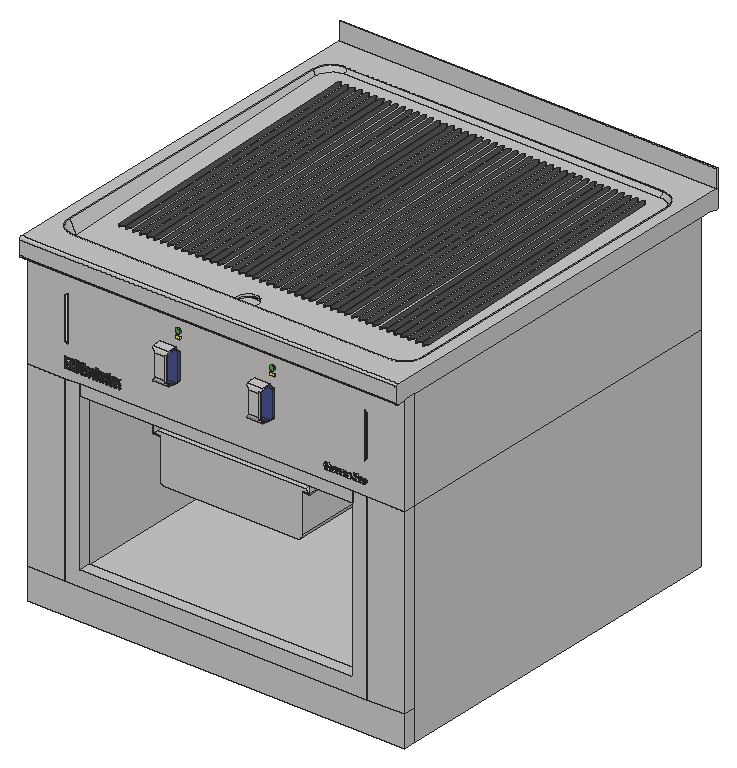
Revit family "QF_ELECTROLUXPROFESSIONAL_588670_MBHDGBHDAO", category Attrezzature speciali, Revit 2020
Family settings
  Quota connettore circolare = Usa diametro
  Tipo di parte = Normale
  Basato su piano di lavoro = No
  Sempre verticale = Sì
  Taglio con vuoti quando caricato = No
  Condiviso = No
  Punto di calcolo locali = No
Parameters (values of type "Standard")
  Weight = 145.00 kg
  Watts = 15300 W
  Volts = 400 V
  URL Manufacturer = "https://www.electroluxprofessional.com/"
  URL = "https://www.electroluxprofessional.com/"
  Steam Supply Size = 0"
  Steam Supply Minimum Pressure = 0.00 psi
  Steam Supply Maximum Pressure = 0.00 psi
  Steam Consumption per Hour = 0
  Refrigeration Suction Line Size = 0 mm
  Refrigeration Liquid Line Size = 0 mm
  Refrigerant Compressor Remote = yes
  Prospetto di default = 0 mm
  Phase = 3
  Modello = "MBHDGBHDAO"
  Produttore = "Electrolux Professional"
  Length Actual = 800 mm  # constant formula
  Item Number = "588670"
  Hot Water Size = 0"
  Height Actual = 700 mm  # constant formula
  HP = "20.5 HP"
  Gas Size = 0"
  Gas KW = 0
  Gas Input Pressure = 0.0 Btu/h
  Direct Waste Size = 0"
  Descrizione = "EL.FRYTOP,RIBBED PL,1S,BSPL,800X850X700H"
  Depth Actual = 850 mm  # constant formula
  Cycle = 50 Hz
  Condensate Return Size = 0"
  Compressed Air Volume = 0 GPM
  Compressed Air Size = 0"
  Compressed Air Pressure = 0.00 psi
  Cold Water Size = 0"
  Accessory = yes
Reference planes
  plane 1 "BACK": y = 0
  plane 2: z = 0
  plane 3 "LEFT": x = 0
  plane 4 "RIGHT": x = 800
  plane 5 "FRONT": y = -850
  plane 6 "TOP": z = 900
  plane 7 "Center (Left/Right)": x = 400
  plane 8 "Center (Front/Back)": y = -425
  plane 9: y = -150
  plane 10: y = -65
  plane 11: y = -790
  plane 12 "EIY": y = -635
  plane 13: z = 938
  plane 14 "BaseTop": z = 650
  plane 15: y = -805
  plane 16 "Camino": y = -50
  plane 17 "EIx": x = 755
  plane 18: z = 1131
  plane 19 "PlaneRibbed": through (-6096, -65, 890) normal (0, -0.0251, 0.9997)
  plane 20 "Base": z = 200
Forms (mm)
  Extrusion 1, solid, material "QF_Finishes_Stainless Steel"
    sketch origin (-178.969, -4572, 100) x (-1, 0, 0) y (0, -1, 0)
      loop
        line (-178.969, -4527) -> (-178.969, -3767) -> (-978.969, -3767) -> (-978.969, -4527) -> (-178.969, -4527)
    from 550 to 762.969
  Extrusion 2, solid, material "QF_Finishes_Stainless Steel"
    sketch origin (400, 296.4, 1219.2) x (0, 1, 0) y (0, 0, 1)
      loop
        line (-296.4, -319.2) -> (-1141.4, -319.2)
        arc (-1141.4, -319.2) -> (-1144.935, -320.664) -> (-1146.4, -324.2) r 5
        line (-1146.4, -324.2) -> (-1146.4, -355.2)
        arc (-1146.4, -355.2) -> (-1144.971, -358.264) -> (-1141.705, -359.139) r 4
        line (-1141.705, -359.139) -> (-1126.4, -356.231) -> (-316.4, -356.231) -> (-301.094, -359.139)
        arc (-301.094, -359.139) -> (-297.829, -358.264) -> (-296.4, -355.2) r 4
        line (-296.4, -355.2) -> (-296.4, -319.2)
    from -400 to 400
  Extrusion 3, void
    sketch origin (0, 0, 900) x (-1, 0, 0) y (0, -1, 0)
      loop
        arc (-65, 65) -> (-36.716, 76.716) -> (-25, 105) r 40
        line (-25, 105) -> (-25, 750)
        arc (-25, 750) -> (-36.716, 778.284) -> (-65, 790) r 40
        line (-65, 790) -> (-735, 790)
        arc (-735, 790) -> (-763.284, 778.284) -> (-775, 750) r 40
        line (-775, 750) -> (-775, 105)
        arc (-775, 105) -> (-763.284, 76.716) -> (-735, 65) r 40
        line (-735, 65) -> (-65, 65)
    from 0 to -30
  Extrusion 4, solid, material "QF_Finishes_Stainless Steel"
    sketch origin (400, 296.4, 1219.2) x (0, 1, 0) y (0, 0, 1)
      loop
        line (-296.4, -319.2) -> (-296.4, -281.2) -> (-298.4, -281.2) -> (-298.4, -319.2) -> (-296.4, -319.2)
    from 400 to -400
  Extrusion 5, solid, material "QF_Finishes_Stainless Steel"
    sketch origin (0, 0, 200) x (-1, 0, 0) y (0, -1, 0)
      loop
        circle (-755, 635) r 10.1
    from 0 to -10
  Sweep 6, solid, material "QF_Finishes_Stainless Steel"
    path origin (0, 0, 900) x (-1, 0, 0) y (0, -1, 0)
      loop
        line (-25, 105) -> (-25, 750)
        arc (-25, 750) -> (-36.716, 778.284) -> (-65, 790) r 40
        line (-65, 790) -> (-735, 790)
        arc (-735, 790) -> (-763.284, 778.284) -> (-775, 750) r 40
        line (-775, 750) -> (-775, 105)
        arc (-775, 105) -> (-763.284, 76.716) -> (-735, 65) r 40
        line (-735, 65) -> (-65, 65)
        arc (-65, 65) -> (-36.716, 76.716) -> (-25, 105) r 40
    profile origin (25, -427.5, 900) x (1, 0, 0) y (0, 0, 1)
      loop
        line (0, 0) -> (0, -30) -> (15, -30) -> (0, 0)
  Extrusion 7, void
    sketch origin (305.009, 0, 900) x (-1, 0, 0) y (0, -1, 0)
      loop
        circle (-94.991, 746) r 22.248
    from -32.282 to 0
  Extrusion 8, solid, material "QF_Finishes_Stainless Steel"
    sketch origin (400, 296.4, 1219.2) x (0, 1, 0) y (0, 0, 1)
      loop
        line (-1086.4, -349.2) -> (-361.4, -349.2) -> (-361.4, -329.2) -> (-1086.4, -347.399) -> (-1086.4, -349.2)
    from -375 to 375
  Extrusion 9, void
    sketch origin (305.009, 0, 900) x (-1, 0, 0) y (0, -1, 0)
      loop
        circle (-94.991, 746) r 22.248
    from -32.282 to 0
  Extrusion 10, solid, material "QF_Finishes_Stainless Steel"
    sketch origin (0, -425, 0) x (-1, 0, 0) y (0, 0, 1)
      loop
        line (-264.372, 616.232) -> (-236.622, 616.232)
        arc (-236.622, 616.232) -> (-235.738, 615.866) -> (-235.372, 614.982) r 1.25
        line (-235.372, 614.982) -> (-235.372, 584.482)
        arc (-235.372, 584.482) -> (-235.738, 583.598) -> (-236.622, 583.232) r 1.25
        line (-236.622, 583.232) -> (-249.372, 583.232) -> (-249.372, 582.232) -> (-236.622, 582.232)
        arc (-236.622, 582.232) -> (-235.031, 582.891) -> (-234.372, 584.482) r 2.25
        line (-234.372, 584.482) -> (-234.372, 614.982)
        arc (-234.372, 614.982) -> (-235.031, 616.573) -> (-236.622, 617.232) r 2.25
        line (-236.622, 617.232) -> (-264.372, 617.232) -> (-264.372, 616.232)
      loop
        line (-537.372, 616.232) -> (-537.372, 617.232) -> (-565.122, 617.232)
        arc (-565.122, 617.232) -> (-566.713, 616.573) -> (-567.372, 614.982) r 2.25
        line (-567.372, 614.982) -> (-567.372, 584.482)
        arc (-567.372, 584.482) -> (-566.713, 582.891) -> (-565.122, 582.232) r 2.25
        line (-565.122, 582.232) -> (-552.372, 582.232) -> (-552.372, 583.232) -> (-565.122, 583.232)
        arc (-565.122, 583.232) -> (-566.006, 583.598) -> (-566.372, 584.482) r 1.25
        line (-566.372, 584.482) -> (-566.372, 614.982)
        arc (-566.372, 614.982) -> (-566.006, 615.866) -> (-565.122, 616.232) r 1.25
        line (-565.122, 616.232) -> (-537.372, 616.232)
    from -365 to 360
  Extrusion 11, solid, material "QF_Finishes_Stainless Steel"
    sketch origin (0, -425, 0) x (-1, 0, 0) y (0, 0, 1)
      loop
        line (-249.872, 583.232) -> (-238.372, 583.232) -> (-238.372, 584.232) -> (-244.372, 590.232) -> (-557.372, 590.232) -> (-563.372, 584.232) -> (-563.372, 583.232) -> (-551.872, 583.232) -> (-551.872, 501.232)
        arc (-551.872, 501.232) -> (-548.65, 493.454) -> (-540.872, 490.232) r 11
        line (-540.872, 490.232) -> (-260.872, 490.232)
        arc (-260.872, 490.232) -> (-253.094, 493.454) -> (-249.872, 501.232) r 11
        line (-249.872, 501.232) -> (-249.872, 583.232)
    from -365 to 360
  Extrusion 12, void
    sketch origin (0, -425, 0) x (-1, 0, 0) y (0, 0, 1)
      loop
        line (-254.872, 501.232) -> (-254.872, 590.232) -> (-546.872, 590.232) -> (-546.872, 506.232)
        arc (-546.872, 506.232) -> (-543.65, 498.454) -> (-535.872, 495.232) r 11
        line (-535.872, 495.232) -> (-260.872, 495.232)
        arc (-260.872, 495.232) -> (-256.629, 496.99) -> (-254.872, 501.232) r 6
    from -350 to 355
  Extrusion 13, solid, material "QF_Finishes_Stainless Steel"
    sketch origin (0, -425, 0) x (-1, 0, 0) y (0, 0, 1)
      loop
        line (-690, 617.232) -> (-110, 617.232) -> (-110, 627) -> (-690, 627) -> (-690, 617.232)
    from -365 to -351.075
Cuts and joins
  Extrusion 3, Extrusion 7, Extrusion 9 cuts Extrusion 2
  Extrusion 9 cuts Sweep 6
  Extrusion 9 cuts Extrusion 8
  joined: Sweep 6, Extrusion 8
  Extrusion 12 cuts Extrusion 11
Lines and regions (mm)
  symbolic lines
    curve 1: line (0, 0, 100) -> (800, 0, 100)
    curve 2: line (0, -850, 100) -> (0, 0, 100)
    curve 3: line (800, -850, 100) -> (0, -850, 100)
    curve 4: line (800, 0, 100) -> (800, -850, 100)
    curve 5: line (0, -2, 0) -> (800, -2, 0)
    curve 6: line (734.029, -65, 0) -> (65.29, -65, 0)
    curve 7: line (65.29, -790, 0) -> (734.029, -790, 0)
    curve 8: line (65, -80, 900) -> (735, -80, 900)
    curve 9: line (735, -775, 900) -> (65, -775, 900)
    curve 10: arc (760, -750, 900) -> (752.678, -767.678, 900) -> (735, -775, 900) r 25
    curve 11: line (760, -105, 900) -> (760, -750, 900)
    curve 12: arc (735, -80, 900) -> (752.678, -87.322, 900) -> (760, -105, 900) r 25
    curve 13: circle (400, -746, 900) r 22.248 normal (0, 0, 1)
    curve 14: arc (90.5, -85.483, 900) -> (62.314, -97.096, 900) -> (50.5, -125.198, 900) r 39.994
    curve 15: line (90.5, -85.482, 900) -> (710.5, -85.482, 900)
    curve 16: line (50.5, -662.082, 900) -> (50.5, -125.198, 900)
    curve 17: arc (50.5, -662.082, 900) -> (62.314, -690.184, 900) -> (90.5, -701.797, 900) r 39.994
    curve 18: line (710.5, -701.798, 900) -> (90.5, -701.798, 900)
    curve 19: line (40.29, -708.526, 900) -> (760, -708.526, 900)
    curve 20: line (40.29, -718.526, 900) -> (760, -718.526, 900)
    curve 21: arc (65, -65, 900) -> (36.716, -76.716, 900) -> (25, -105, 900) r 40
    curve 22: line (25, -105, 900) -> (25, -750, 900)
    curve 23: arc (25, -750, 900) -> (36.716, -778.284, 900) -> (65, -790, 900) r 40
    curve 24: arc (735, -790, 900) -> (763.284, -778.284, 900) -> (775, -750, 900) r 40
    curve 25: line (775, -750, 900) -> (775, -105, 900)
    curve 26: arc (775, -105, 900) -> (763.284, -76.716, 900) -> (735, -65, 900) r 40
    curve 27: arc (709.5, -85.483, 900) -> (737.686, -97.096, 900) -> (749.5, -125.198, 900) r 39.994
    curve 28: line (749.5, -662.082, 900) -> (749.5, -125.198, 900)
    curve 29: arc (749.5, -662.082, 900) -> (737.686, -690.184, 900) -> (709.5, -701.797, 900) r 39.994
    curve 30: arc (65, -775, 900) -> (47.322, -767.678, 900) -> (40, -750, 900) r 25
    curve 31: line (40, -750, 900) -> (40, -105, 900)
    curve 32: arc (40, -105, 900) -> (47.322, -87.322, 900) -> (65, -80, 900) r 25
Dimensions and locks
  plane 3 "LEFT" to plane 4 "RIGHT" = 800 mm
  locked: plane 5 "FRONT" to plane 1 "BACK" at 850
  plane 3 "LEFT" to plane 7 "Center (Left/Right)" to plane 4 "RIGHT" = 400 mm, 400 mm
  equal spacing: plane 5 "FRONT", plane 8 "Center (Front/Back)", plane 1 "BACK"
  plane 6 "TOP" to level = 900 mm  (x2)
  plane 1 "BACK" to plane 9 = 150 mm
  plane 12 "EIY" to plane 1 "BACK" = 635 mm
  plane 13 to plane 6 "TOP" = 38 mm
  plane 10 to plane 1 "BACK" = 65 mm
  plane 5 "FRONT" to plane 11 = 60 mm
  locked: plane 6 "TOP" to plane 14 "BaseTop" at 250
  locked: plane 15 to plane 5 "FRONT" at 45
  plane 16 "Camino" to plane 1 "BACK" = 50 mm
  plane 17 "EIx" to plane 4 "RIGHT" = 45 mm
  plane 18 to plane 6 "TOP" = 231 mm
  plane 20 "Base" to level = 200 mm
  aligned and locked: level to plane 2
  aligned and locked: cut or joined group of Extrusion 2, Extrusion 3, Extrusion 7, Extrusion 9 to plane 3 "LEFT"
  aligned and locked: cut or joined group of Extrusion 2, Extrusion 3, Extrusion 7, Extrusion 9 to plane 4 "RIGHT"
  aligned and locked: nested 1 to plane 15
  aligned and locked: Extrusion 1 to plane 15
  aligned and locked: Extrusion 4 to plane 3 "LEFT"
  aligned and locked: Extrusion 4 to plane 4 "RIGHT"
  aligned and locked: plane 3 "LEFT" to nested 1
  aligned and locked: Extrusion 1 to nested 24
Automatic sketch dimensions
  curve 5 to plane 3 "LEFT" = 0 mm
  plane 10 to curve 6 = 0 mm
  plane 11 to curve 7 = 0 mm
  curve 5 to plane 4 "RIGHT" = 0 mm
  plane 3 "LEFT" to curve 6 = 65.29 mm
  plane 3 "LEFT" to curve 7 = 65.29 mm
  curve 6 to plane 17 "EIx" = 20.971 mm
  curve 7 to plane 17 "EIx" = 20.971 mm
  plane 1 "BACK" to curve 5 = 2 mm
  Extrusion 1 sketch curve to plane 4 "RIGHT" = 0 mm
  Extrusion 1 sketch curve to plane 3 "LEFT" = 0 mm
  Extrusion 1 sketch curve to plane 15 = 0 mm
  Extrusion 1 sketch curve to plane 16 "Camino" = 5 mm
  plane 1 "BACK" to curve 1 = 0 mm
  curve 1 to plane 4 "RIGHT" = 0 mm
  curve 3 to plane 3 "LEFT" = 0 mm
  plane 5 "FRONT" to curve 3 = 0 mm
  Extrusion 2 sketch curve to plane 5 "FRONT" = 0 mm
  Extrusion 2 sketch curve to plane 6 "TOP" = 0 mm
  Extrusion 2 sketch curve to plane 1 "BACK" = 0 mm
  Extrusion 2 sketch curve to Extrusion 2 sketch curve = 4 mm
  Extrusion 2 sketch curve to Extrusion 2 sketch curve = 0.695 mm
  Extrusion 2 sketch curve to plane 5 "FRONT" = 5 mm
  Extrusion 2 sketch curve to Extrusion 2 sketch curve = 15.305 mm
  plane 1 "BACK" to Extrusion 2 sketch curve = 20 mm
  plane 1 "BACK" to Extrusion 2 sketch curve = 4.695 mm
  plane 1 "BACK" to Extrusion 2 sketch curve = 4 mm
  Extrusion 2 sketch curve to Extrusion 2 sketch curve = 31 mm
  Extrusion 2 sketch curve to Extrusion 2 sketch curve = 36 mm
  Extrusion 2 sketch curve to Extrusion 2 sketch curve = 2.909 mm
  plane 11 to Extrusion 3 sketch curve = 0 mm
  plane 10 to Extrusion 3 sketch curve = 0 mm
  plane 17 "EIx" to Extrusion 3 sketch curve = 20 mm
  Extrusion 3 sketch curve to plane 17 "EIx" = 20 mm  (x2)
  plane 3 "LEFT" to Extrusion 3 sketch curve = 65 mm  (x2)
  plane 10 to Extrusion 3 sketch curve = 40 mm
  curve 10 to curve 24 = 0 mm  (x2)
  curve 12 to curve 26 = 0 mm  (x2)
  curve 21 to curve 32 = 0 mm  (x2)
  curve 23 to curve 30 = 0 mm  (x2)
  plane 10 to curve 26 = 0 mm
  plane 11 to curve 24 = 0 mm
  curve 13 to plane 7 "Center (Left/Right)" = 0 mm
  plane 10 to curve 21 = 0 mm
  curve 29 to plane 17 "EIx" = 45.493 mm
  curve 27 to plane 17 "EIx" = 45.493 mm
  curve 12 to plane 17 "EIx" = 20 mm
  curve 24 to plane 17 "EIx" = 20 mm
  curve 28 to plane 17 "EIx" = 5.5 mm
  plane 17 "EIx" to curve 11 = 5 mm
  curve 25 to curve 11 = 15 mm
  curve 17 to plane 12 "EIY" = 26.803 mm
  plane 3 "LEFT" to curve 17 = 90.493 mm
  plane 9 to curve 14 = 24.523 mm
  plane 3 "LEFT" to curve 14 = 90.493 mm
  curve 14 to curve 21 = 25.493 mm
  curve 23 to plane 11 = 40 mm
  plane 3 "LEFT" to curve 23 = 65 mm
  curve 17 to curve 16 = 39.993 mm
  curve 31 to curve 16 = 20.198 mm
  curve 11 to curve 28 = 20.198 mm
  plane 9 to curve 27 = 24.523 mm
  curve 29 to plane 12 "EIY" = 26.803 mm
  curve 16 to plane 12 "EIY" = 27.082 mm
  curve 28 to plane 12 "EIY" = 27.082 mm
  curve 13 to plane 11 = 44 mm
  plane 10 to curve 27 = 20.483 mm
  curve 29 to curve 29 = 0.007 mm
  curve 18 to curve 29 = 1 mm
  curve 15 to curve 27 = 1 mm
  curve 18 to curve 17 = 0.007 mm
  curve 15 to curve 8 = 25.5 mm
  curve 15 to curve 14 = 0 mm
  curve 18 to curve 17 = 0 mm
  curve 20 to curve 30 = 0.29 mm
  curve 19 to curve 20 = 0 mm
  curve 15 to curve 14 = 0.001 mm
  curve 29 to curve 18 = 0.001 mm
  curve 19 to curve 30 = 41.474 mm
  curve 19 to curve 20 = 10 mm
  Extrusion 4 sketch curve to plane 6 "TOP" = 0 mm
  Extrusion 4 sketch curve to plane 13 = 0 mm
  Extrusion 4 sketch curve to plane 1 "BACK" = 0 mm
  Extrusion 4 sketch curve to Extrusion 4 sketch curve = 2 mm
  plane 10 to Sweep 6 sketch curve = 0 mm
  plane 11 to Sweep 6 sketch curve = 0 mm
  plane 17 "EIx" to Sweep 6 sketch curve = 20 mm
  Sweep 6 sketch curve to plane 17 "EIx" = 20 mm  (x2)
  plane 3 "LEFT" to Sweep 6 sketch curve = 65 mm  (x2)
  plane 3 "LEFT" to Sweep 6 sketch curve = 25 mm
  profile plane to Sweep 6 sketch curve = 0 mm
  Sweep 6 sketch curve to plane 6 "TOP" = 0 mm
  Sweep 6 sketch curve to profile plane = 15 mm
  Sweep 6 sketch curve to plane 6 "TOP" = 30 mm
  Extrusion 7 sketch curve to plane 7 "Center (Left/Right)" = 0 mm
  Extrusion 7 sketch curve to plane 11 = 44 mm
  Extrusion 7 sketch curve to plane 7 "Center (Left/Right)" = 12.288 mm
  Extrusion 7 sketch curve to Extrusion 7 sketch curve = 0 mm
  Extrusion 7 sketch curve to Extrusion 7 sketch curve = 18.547 mm
  Extrusion 9 sketch curve to plane 7 "Center (Left/Right)" = 0 mm
  Extrusion 9 sketch curve to plane 11 = 44 mm
  Extrusion 9 sketch curve to plane 7 "Center (Left/Right)" = 12.288 mm
  Extrusion 9 sketch curve to Extrusion 9 sketch curve = 0 mm
  Extrusion 9 sketch curve to Extrusion 9 sketch curve = 18.547 mm
  Extrusion 8 sketch curve to plane 11 = 0 mm
  Extrusion 8 sketch curve to plane 10 = 0 mm
  Extrusion 8 sketch curve to plane 6 "TOP" = 30 mm
  Extrusion 8 sketch curve to plane 6 "TOP" = 10 mm
  Extrusion 8 sketch curve to Extrusion 8 sketch curve = 1.801 mm
  plane 12 "EIY" to Extrusion 5 sketch curve = 0 mm
  Extrusion 5 sketch curve to plane 17 "EIx" = 0 mm
  Extrusion 10 sketch curve to Extrusion 10 sketch curve = 0 mm  (x8)
  Extrusion 10 sketch curve to plane 14 "BaseTop" = 35.018 mm
  plane 7 "Center (Left/Right)" to Extrusion 10 sketch curve = 167.372 mm
  Extrusion 10 sketch curve to Extrusion 10 sketch curve = 1 mm  (x2)
  Extrusion 10 sketch curve to Extrusion 10 sketch curve = 1.25 mm  (x3)
  Extrusion 10 sketch curve to Extrusion 10 sketch curve = 12.75 mm  (x2)
  Extrusion 10 sketch curve to Extrusion 10 sketch curve = 27.75 mm  (x2)
  Extrusion 10 sketch curve to plane 14 "BaseTop" = 33.768 mm
  Extrusion 10 sketch curve to plane 7 "Center (Left/Right)" = 135.628 mm
  Extrusion 10 sketch curve to Extrusion 10 sketch curve = 15 mm
  Extrusion 10 sketch curve to Extrusion 10 sketch curve = 30.5 mm  (x2)
  Extrusion 11 sketch curve to plane 14 "BaseTop" = 66.768 mm
  plane 7 "Center (Left/Right)" to Extrusion 11 sketch curve = 163.372 mm
  Extrusion 11 sketch curve to Extrusion 11 sketch curve = 11.5 mm
  Extrusion 11 sketch curve to Extrusion 11 sketch curve = 11 mm  (x2)
  Extrusion 11 sketch curve to plane 7 "Center (Left/Right)" = 139.128 mm
  Extrusion 11 sketch curve to Extrusion 11 sketch curve = 5.5 mm
  Extrusion 11 sketch curve to Extrusion 11 sketch curve = 6 mm  (x3)
  Extrusion 11 sketch curve to Extrusion 11 sketch curve = 82 mm
  Extrusion 11 sketch curve to Extrusion 11 sketch curve = 1 mm  (x2)
  Extrusion 11 sketch curve to plane 14 "BaseTop" = 59.768 mm
  plane 7 "Center (Left/Right)" to Extrusion 12 sketch curve = 146.872 mm
  Extrusion 12 sketch curve to Extrusion 12 sketch curve = 11 mm
  Extrusion 12 sketch curve to plane 7 "Center (Left/Right)" = 139.128 mm
  Extrusion 12 sketch curve to Extrusion 12 sketch curve = 6 mm
  Extrusion 12 sketch curve to plane 14 "BaseTop" = 154.768 mm
  Extrusion 12 sketch curve to plane 14 "BaseTop" = 59.768 mm
  Extrusion 13 sketch curve to plane 14 "BaseTop" = 23 mm
  plane 3 "LEFT" to Extrusion 13 sketch curve = 110 mm
  Extrusion 13 sketch curve to plane 17 "EIx" = 65 mm
  Extrusion 13 sketch curve to Extrusion 13 sketch curve = 9.768 mm
  radius of curve 13 = 22.248 mm
  radius of Extrusion 5 sketch curve = 10.1 mm
Nested families
  nested 1: "Front_Panel_W800_2 Knobs_2Spie" at (202.376, -805, 0), type "Front_Panel_W800_2 Knobs_2Spie"
  nested 2: "Rib_D12" at (662.5, -379.667, 882.101) x (-1, 0, 0) z (0, -0.0251, 0.9997), type "Rib_D12"
    with Show Clearance yes, Lenght 588 mm
  nested 3: "Rib_D12" at (647.5, -379.667, 882.101) x (-1, 0, 0) z (0, -0.0251, 0.9997), type "Rib_D12"
    with Show Clearance yes, Lenght 588 mm
  nested 4: "Rib_D12" at (632.5, -379.667, 882.101) x (-1, 0, 0) z (0, -0.0251, 0.9997), type "Rib_D12"
    with Show Clearance yes, Lenght 588 mm
  nested 5: "Rib_D12" at (617.5, -379.667, 882.101) x (-1, 0, 0) z (0, -0.0251, 0.9997), type "Rib_D12"
    with Show Clearance yes, Lenght 588 mm
  nested 6: "Rib_D12" at (602.5, -379.667, 882.101) x (-1, 0, 0) z (0, -0.0251, 0.9997), type "Rib_D12"
    with Show Clearance yes, Lenght 588 mm
  nested 7: "Rib_D12" at (587.5, -379.667, 882.101) x (-1, 0, 0) z (0, -0.0251, 0.9997), type "Rib_D12"
    with Show Clearance yes, Lenght 588 mm
  nested 8: "Rib_D12" at (572.5, -379.667, 882.101) x (-1, 0, 0) z (0, -0.0251, 0.9997), type "Rib_D12"
    with Show Clearance yes, Lenght 588 mm
  nested 9: "Rib_D12" at (557.5, -379.667, 882.101) x (-1, 0, 0) z (0, -0.0251, 0.9997), type "Rib_D12"
    with Show Clearance yes, Lenght 588 mm
  nested 10: "Rib_D12" at (542.5, -379.667, 882.101) x (-1, 0, 0) z (0, -0.0251, 0.9997), type "Rib_D12"
    with Show Clearance yes, Lenght 588 mm
  nested 11: "Rib_D12" at (527.5, -379.667, 882.101) x (-1, 0, 0) z (0, -0.0251, 0.9997), type "Rib_D12"
    with Show Clearance yes, Lenght 588 mm
  nested 12: "Rib_D12" at (512.5, -379.667, 882.101) x (-1, 0, 0) z (0, -0.0251, 0.9997), type "Rib_D12"
    with Show Clearance yes, Lenght 588 mm
  nested 13: "Rib_D12" at (497.5, -379.667, 882.101) x (-1, 0, 0) z (0, -0.0251, 0.9997), type "Rib_D12"
    with Show Clearance yes, Lenght 588 mm
  nested 14: "Rib_D12" at (722.5, -379.667, 882.101) x (-1, 0, 0) z (0, -0.0251, 0.9997), type "Rib_D12"
    with Show Clearance yes, Lenght 588 mm
  nested 15: "Rib_D12" at (707.5, -379.667, 882.101) x (-1, 0, 0) z (0, -0.0251, 0.9997), type "Rib_D12"
    with Show Clearance yes, Lenght 588 mm
  nested 16: "Rib_D12" at (692.5, -379.667, 882.101) x (-1, 0, 0) z (0, -0.0251, 0.9997), type "Rib_D12"
    with Show Clearance yes, Lenght 588 mm
  nested 17: "Rib_D12" at (677.5, -379.667, 882.101) x (-1, 0, 0) z (0, -0.0251, 0.9997), type "Rib_D12"
    with Show Clearance yes, Lenght 588 mm
  nested 18: "Rib_D12" at (482.5, -379.667, 882.101) x (-1, 0, 0) z (0, -0.0251, 0.9997), type "Rib_D12"
    with Show Clearance yes, Lenght 588 mm
  nested 19: "Rib_D12" at (467.5, -379.667, 882.101) x (-1, 0, 0) z (0, -0.0251, 0.9997), type "Rib_D12"
    with Show Clearance yes, Lenght 588 mm
  nested 20: "Rib_D12" at (452.5, -379.667, 882.101) x (-1, 0, 0) z (0, -0.0251, 0.9997), type "Rib_D12"
    with Show Clearance yes, Lenght 588 mm
  nested 21: "Rib_D12" at (437.5, -379.667, 882.101) x (-1, 0, 0) z (0, -0.0251, 0.9997), type "Rib_D12"
    with Show Clearance yes, Lenght 588 mm
  nested 22: "Rib_D12" at (422.5, -379.667, 882.101) x (-1, 0, 0) z (0, -0.0251, 0.9997), type "Rib_D12"
    with Show Clearance yes, Lenght 588 mm
  nested 23: "Rib_D12" at (407.5, -379.667, 882.101) x (-1, 0, 0) z (0, -0.0251, 0.9997), type "Rib_D12"
    with Show Clearance yes, Lenght 588 mm
  nested 24: "QF_ELECTROLUXPROFESSIONAL_588643_MB1NCAHOOO" at (0, 0, 0), type "QF_ELECTROLUXPROFESSIONAL_588643_MB1NCAHOOO"
    with Type Mark "", Specification by User "", Revision Code "", Item Number "", Installed By "", Identify Quantity as Lot yes, Furnished By "", Foodservice Equipment Identifier yes
  nested 25: "Rib_D12" at (137.5, -379.667, 882.101) x (1, 0, 0) z (0, -0.0251, 0.9997), type "Rib_D12"
    with Show Clearance yes, Lenght 588 mm
  nested 26: "Rib_D12" at (152.5, -379.667, 882.101) x (1, 0, 0) z (0, -0.0251, 0.9997), type "Rib_D12"
    with Show Clearance yes, Lenght 588 mm
  nested 27: "Rib_D12" at (167.5, -379.667, 882.101) x (1, 0, 0) z (0, -0.0251, 0.9997), type "Rib_D12"
    with Show Clearance yes, Lenght 588 mm
  nested 28: "Rib_D12" at (182.5, -379.667, 882.101) x (1, 0, 0) z (0, -0.0251, 0.9997), type "Rib_D12"
    with Show Clearance yes, Lenght 588 mm
  nested 29: "Rib_D12" at (197.5, -379.667, 882.101) x (1, 0, 0) z (0, -0.0251, 0.9997), type "Rib_D12"
    with Show Clearance yes, Lenght 588 mm
  nested 30: "Rib_D12" at (212.5, -379.667, 882.101) x (1, 0, 0) z (0, -0.0251, 0.9997), type "Rib_D12"
    with Show Clearance yes, Lenght 588 mm
  nested 31: "Rib_D12" at (227.5, -379.667, 882.101) x (1, 0, 0) z (0, -0.0251, 0.9997), type "Rib_D12"
    with Show Clearance yes, Lenght 588 mm
  nested 32: "Rib_D12" at (242.5, -379.667, 882.101) x (1, 0, 0) z (0, -0.0251, 0.9997), type "Rib_D12"
    with Show Clearance yes, Lenght 588 mm
  nested 33: "Rib_D12" at (257.5, -379.667, 882.101) x (1, 0, 0) z (0, -0.0251, 0.9997), type "Rib_D12"
    with Show Clearance yes, Lenght 588 mm
  nested 34: "Rib_D12" at (272.5, -379.667, 882.101) x (1, 0, 0) z (0, -0.0251, 0.9997), type "Rib_D12"
    with Show Clearance yes, Lenght 588 mm
  nested 35: "Rib_D12" at (287.5, -379.667, 882.101) x (1, 0, 0) z (0, -0.0251, 0.9997), type "Rib_D12"
    with Show Clearance yes, Lenght 588 mm
  nested 36: "Rib_D12" at (302.5, -379.667, 882.101) x (1, 0, 0) z (0, -0.0251, 0.9997), type "Rib_D12"
    with Show Clearance yes, Lenght 588 mm
  nested 37: "Rib_D12" at (77.5, -379.667, 882.101) x (1, 0, 0) z (0, -0.0251, 0.9997), type "Rib_D12"
    with Show Clearance yes, Lenght 588 mm
  nested 38: "Rib_D12" at (92.5, -379.667, 882.101) x (1, 0, 0) z (0, -0.0251, 0.9997), type "Rib_D12"
    with Show Clearance yes, Lenght 588 mm
  nested 39: "Rib_D12" at (107.5, -379.667, 882.101) x (1, 0, 0) z (0, -0.0251, 0.9997), type "Rib_D12"
    with Show Clearance yes, Lenght 588 mm
  nested 40: "Rib_D12" at (122.5, -379.667, 882.101) x (1, 0, 0) z (0, -0.0251, 0.9997), type "Rib_D12"
    with Show Clearance yes, Lenght 588 mm
  nested 41: "Rib_D12" at (317.5, -379.667, 882.101) x (1, 0, 0) z (0, -0.0251, 0.9997), type "Rib_D12"
    with Show Clearance yes, Lenght 588 mm
  nested 42: "Rib_D12" at (332.5, -379.667, 882.101) x (1, 0, 0) z (0, -0.0251, 0.9997), type "Rib_D12"
    with Show Clearance yes, Lenght 588 mm
  nested 43: "Rib_D12" at (347.5, -379.667, 882.101) x (1, 0, 0) z (0, -0.0251, 0.9997), type "Rib_D12"
    with Show Clearance yes, Lenght 588 mm
  nested 44: "Rib_D12" at (362.5, -379.667, 882.101) x (1, 0, 0) z (0, -0.0251, 0.9997), type "Rib_D12"
    with Show Clearance yes, Lenght 588 mm
  nested 45: "Rib_D12" at (377.5, -379.667, 882.101) x (1, 0, 0) z (0, -0.0251, 0.9997), type "Rib_D12"
    with Show Clearance yes, Lenght 588 mm
  nested 46: "Rib_D12" at (392.5, -379.667, 882.101) x (1, 0, 0) z (0, -0.0251, 0.9997), type "Rib_D12"
    with Show Clearance yes, Lenght 588 mm
Connectors
  electrical at (755, -635, 190), driven by "Volts"
    settings: on Extrusion 5, index 1, voltage 400 V, apparent load 0 VA, apparent load phase1 0 VA, apparent load phase2 0 VA, apparent load phase3 0 VA, power factor 1, load classification "Other", number of poles 1, system type 30, power factor state 1, is connector primary yes, connector utility no, sub classification motor no, connector description "Electrical Connection"
Definition of nested family "Front_Panel_W800_2 Knobs_2Spie"
  Parameters
    Default Elevation = 0 mm
  Reference planes
    plane 1 "Center (Front/Back)": y = 0
    plane 2: z = 0
    plane 3 "Center (Left/Right)": x = 197.624
    plane 4 "Left": x = -202.376
    plane 5 "Right": x = 597.624
    plane 6: y = -45
    plane 7: x = 97.624
    plane 8 "Panel": y = -25
    plane 9: x = 517.624
    plane 10: x = -122.376
    plane 11: x = 297.624
  Forms (mm)
    Extrusion 1, solid
      sketch origin (833.217, 829.203, -1.25) x (0, 1, 0) y (0, 0, 1)
        loop
          line (-854.203, 651.25) -> (-829.203, 651.25) -> (-829.203, 864.25) -> (-854.203, 864.25) -> (-854.203, 651.25)
      from -1035.593 to -235.593
    Extrusion 2, void
      sketch origin (0, -25, -10) x (0, 0, 1) y (-1, 0, 0)
        loop
          line (731.866, 122.376) -> (726.866, 117.376) -> (823.866, 117.376) -> (818.866, 122.376) -> (731.866, 122.376)
        loop
          line (731.866, -517.624) -> (818.866, -517.624) -> (823.866, -512.624) -> (726.866, -512.624) -> (731.866, -517.624)
      from 0 to -2
    Extrusion 3, solid
      sketch origin (160, -25, 1.163) x (0, 0, 1) y (-1, 0, 0)
        loop
          circle (824.337, 42.376) r 5
      from 0 to 1.7
    Extrusion 4, solid
      sketch origin (330.497, -25, 1.163) x (0, 0, 1) y (-1, 0, 0)
        loop
          circle (824.337, 12.376) r 5
      from 0 to 1.7
    Extrusion 5, solid
      sketch origin (0, -25, -10) x (0, 0, 1) y (-1, 0, 0)
        loop
          line (731.866, 122.376) -> (726.866, 117.376) -> (823.866, 117.376) -> (818.866, 122.376) -> (731.866, 122.376)
        loop
          line (726.866, -512.624) -> (731.866, -517.624) -> (818.866, -517.624) -> (823.866, -512.624) -> (726.866, -512.624)
      from -2 to 0
    Extrusion 6, solid
      sketch origin (160, -25, -13.837) x (0, 0, 1) y (-1, 0, 0)
        loop
          line (829.337, 37.376) -> (829.337, 47.376) -> (824.337, 47.376) -> (824.337, 37.376) -> (829.337, 37.376)
      from 0 to 1.7
    Extrusion 7, solid
      sketch origin (360, -25, -13.837) x (0, 0, 1) y (-1, 0, 0)
        loop
          line (829.337, 37.376) -> (829.337, 47.376) -> (824.337, 47.376) -> (824.337, 37.376) -> (829.337, 37.376)
      from 0 to 1.7
  Cuts and joins
    Extrusion 2 cuts Extrusion 1
  Dimensions and locks
    equal spacing: plane 5 "Right", plane 3 "Center (Left/Right)", plane 4 "Left"
    plane 5 "Right" to plane 4 "Left" = 800 mm
    plane 3 "Center (Left/Right)" to plane 7 = 100 mm
    plane 11 to plane 3 "Center (Left/Right)" = 100 mm
    aligned and locked: cut or joined group of Extrusion 1, Extrusion 2 to plane 4 "Left"
    aligned and locked: plane 5 "Right" to cut or joined group of Extrusion 1, Extrusion 2
  Automatic sketch dimensions
    Extrusion 1 sketch curve to plane 8 "Panel" = 0 mm
    Extrusion 1 sketch curve to plane 1 "Center (Front/Back)" = 0 mm
    level to Extrusion 1 sketch curve = 650 mm
    Extrusion 1 sketch curve to Extrusion 1 sketch curve = 213 mm
    Extrusion 2 sketch curve to plane 10 = 0 mm
    Extrusion 2 sketch curve to plane 9 = 0 mm
    Extrusion 2 sketch curve to plane 9 = 5 mm
    level to Extrusion 2 sketch curve = 716.866 mm
    plane 10 to Extrusion 2 sketch curve = 5 mm
    Extrusion 2 sketch curve to Extrusion 2 sketch curve = 0 mm
    Extrusion 2 sketch curve to Extrusion 2 sketch curve = 5 mm  (x4)
    Extrusion 2 sketch curve to Extrusion 2 sketch curve = 87 mm  (x2)
    plane 7 to Extrusion 3 sketch curve = 20 mm
    level to Extrusion 3 sketch curve = 825.5 mm
    plane 11 to Extrusion 4 sketch curve = 20.497 mm
    level to Extrusion 4 sketch curve = 825.5 mm
    Extrusion 5 sketch curve to plane 10 = 0 mm
    Extrusion 5 sketch curve to plane 9 = 0 mm
    Extrusion 5 sketch curve to plane 9 = 5 mm
    level to Extrusion 5 sketch curve = 716.866 mm
    plane 10 to Extrusion 5 sketch curve = 5 mm
    Extrusion 5 sketch curve to Extrusion 5 sketch curve = 0 mm
    Extrusion 5 sketch curve to Extrusion 5 sketch curve = 5 mm  (x4)
    Extrusion 5 sketch curve to Extrusion 5 sketch curve = 87 mm  (x2)
    plane 7 to Extrusion 6 sketch curve = 25 mm
    level to Extrusion 6 sketch curve = 810.5 mm
    Extrusion 6 sketch curve to Extrusion 6 sketch curve = 5 mm
    Extrusion 6 sketch curve to Extrusion 6 sketch curve = 10 mm
    plane 11 to Extrusion 7 sketch curve = 25 mm
    level to Extrusion 7 sketch curve = 810.5 mm
    Extrusion 7 sketch curve to Extrusion 7 sketch curve = 5 mm
    Extrusion 7 sketch curve to Extrusion 7 sketch curve = 10 mm
    radius of Extrusion 3 sketch curve = 5 mm
    radius of Extrusion 4 sketch curve = 5 mm
  Nested families
    nested 1: "Range Control Handle" at (97.851, -28.137, -209.113) x (-1, 0, 0) z (0, 0, 1), type "Range Control Handle"
    nested 2: "Range Control Handle" at (297.398, -28.137, -209.113), type "Range Control Handle"
    nested 3: "ELX_ThermaLine_Small" at (468.838, -25, 679.426) x (1, 0, 0) z (0, -1, 0), type "ELX_ThermaLine_Small"
      with Show Logo yes, Material_Logo none
    nested 4: "ELX_Professional_Logo_Small" at (-62.89, -25, 681.659) x (1, 0, 0) z (0, -1, 0), type "ELX_Professional_Logo_Small"
      with Show Logo yes, Material_Logo none
  Definition of nested family "Range Control Handle"
    Parameters
      Default Elevation = 0 mm
    Reference planes
      plane 1 "Center (Front/Back)": y = 0
      plane 2: z = 0
      plane 3 "Center (Left/Right)": x = 0
      plane 4: z = 971.092
      plane 5: y = -16.9
    Forms (mm)
      Extrusion 1, solid
        sketch origin (-746.28, 380.497, 208.931) x (-1, 0, 0) y (0, 0, 1)
          loop
            line (-770.101, 786.798) -> (-770.101, 731.649)
            arc (-770.101, 731.649) -> (-769.759, 730.563) -> (-768.855, 729.87) r 1.893
            line (-768.855, 729.87) -> (-763.474, 727.911) -> (-729.81, 727.911) -> (-724.428, 729.87)
            arc (-724.428, 729.87) -> (-723.525, 730.563) -> (-723.183, 731.649) r 1.893
            line (-723.183, 731.649) -> (-723.183, 786.798)
            arc (-723.183, 786.798) -> (-723.529, 787.894) -> (-724.44, 788.593) r 1.91
            line (-724.44, 788.593) -> (-729.683, 790.819) -> (-763.601, 790.819) -> (-768.844, 788.593)
            arc (-768.844, 788.593) -> (-769.755, 787.894) -> (-770.101, 786.798) r 1.91
        from -382.35 to -378.852
      Sweep 2, solid
        path origin (-746.788, 380.496, 208.091) x (0, -1, 0) y (0, 0, 1)
          loop
            line (379.775, 793.281) -> (395.661, 791.048)
            arc (395.661, 791.048) -> (397.781, 787.377) -> (398.517, 783.202) r 12.207
            line (398.517, 783.202) -> (398.517, 737.368)
            arc (398.517, 737.368) -> (397.781, 733.193) -> (395.661, 729.522) r 12.207
            line (395.661, 729.522) -> (379.775, 727.289)
        profile origin (-746.788, -7.222, 1000.256) x (0, -0.139173, 0.990268) y (-1, 0, 0)
          loop
            line (0.782, -763.123) -> (0.782, -730.907) -> (-1.322, -730.907) -> (-1.322, -763.123) -> (0.782, -763.123)
      Sweep 3, solid
        path origin (-746.788, 380.715, 207.832) x (0, -1, 0) y (0, 0, 1)
          loop
            line (380.478, 795.442) -> (397.218, 793.09)
            arc (397.218, 793.09) -> (399.929, 788.473) -> (400.871, 783.202) r 15.207
            line (400.871, 783.202) -> (400.871, 737.584)
            arc (400.871, 737.584) -> (399.914, 732.274) -> (397.164, 727.633) r 15.207
            line (397.164, 727.633) -> (380.601, 725.305)
        profile origin (-746.788, -8.132, 1002.099) x (0, -0.139173, 0.990268) y (-1, 0, 0)
          loop
            line (0.782, -763.123) -> (0.782, -730.907) -> (-1.322, -730.907) -> (-1.322, -763.123) -> (0.782, -763.123)
      Extrusion 4, void
        sketch origin (889.253, 220.666, 207.993) x (1, 0, 0) y (0, 0, 1)
          loop
            line (-943.038, 816.854) -> (-943.038, 703.686) -> (-899.466, 734.196) -> (-899.466, 786.344) -> (-943.038, 816.854)
        from 230.636 to 242.25
      Extrusion 5, void
        sketch origin (-888.8, 220.666, 207.993) x (-1, 0, 0) y (0, 0, -1)
          loop
            line (-943.038, -816.854) -> (-899.466, -786.344) -> (-899.466, -734.196) -> (-943.038, -703.686) -> (-943.038, -816.854)
        from 230.636 to 242.25
      Extrusion 6, solid
        sketch origin (0, 0, 0) x (1, 0, 0) y (0, 0, 1)
          loop
            circle (0, 971.092) r 7.736
        from -3.137 to -1.645
    Cuts and joins
      Extrusion 4, Extrusion 5 cuts Sweep 3
      Extrusion 4, Extrusion 5 cuts Sweep 2
      joined: Extrusion 1, Extrusion 6
    Lines and regions (mm)
      symbolic lines
        curve 1: line (16.334, -16.9, 0) -> (16.334, -19.227, 0)
        curve 2: spline (16.334, -19.227, 0) -> (15.87, -19.385, 0) -> (15.404, -19.536, 0) -> (14.936, -19.678, 0) -> (14.466, -19.813, 0) -> (13.995, -19.94, 0) -> (13.523, -20.059, 0) -> (13.049, -20.171, 0) -> (12.575, -20.274, 0) -> (12.099, -20.37, 0) -> (11.622, -20.458, 0) -> (11.144, -20.537, 0) -> (10.666, -20.609, 0)
        curve 3: line (10.666, -16.9, 0) -> (10.666, -20.938, 0)
        curve 4: line (-10.213, -20.938, 0) -> (10.666, -20.938, 0)
        curve 5: line (-10.213, -20.938, 0) -> (-10.213, -16.9, 0)
        curve 6: spline (-10.213, -20.609, 0) -> (-10.691, -20.537, 0) -> (-11.169, -20.458, 0) -> (-11.646, -20.37, 0) -> (-12.122, -20.274, 0) -> (-12.597, -20.171, 0) -> (-13.07, -20.059, 0) -> (-13.542, -19.94, 0) -> (-14.013, -19.813, 0) -> (-14.483, -19.678, 0) -> (-14.951, -19.536, 0) -> (-15.417, -19.385, 0) -> (-15.881, -19.227, 0)
        curve 7: line (-15.881, -19.227, 0) -> (-15.881, -16.9, 0)
  Definition of nested family "ELX_ThermaLine_Small"
    Parameters
      Show Logo [instance] = yes
      Material_Logo [instance] = none
      Default Elevation = 0 mm
    Reference planes
      plane 1 "Centro (Fronte/Retro)": y = 0
      plane 2: z = 0
      plane 3 "Centro (Sinistra/Destra)": x = 0
    Forms (mm)
      Extrusion 1, solid
        sketch origin (0, 0, 0) x (1, 0, 0) y (0, 1, 0)
          loop
            line (-1219.2, 1219.2) -> (-1219.2, -1219.2) -> (1219.2, -1219.2) -> (1219.2, 1219.2) -> (-1219.2, 1219.2)
        from 0 to -304.8
      Extrusion 2, solid
        sketch origin (0, 0, 0) x (1, 0, 0) y (0, 1, 0)
          loop
            line (-37.494, 1.229) -> (-35.908, 1.229) -> (-35.908, 3.066) -> (-37.494, 3.066) -> (-37.494, 6.221) -> (-39.867, 4.881) -> (-39.867, 3.066) -> (-40.969, 3.066) -> (-40.969, 1.229) -> (-39.867, 1.229) -> (-39.867, -3.407)
            arc (-39.867, -3.407) -> (-38.982, -5.513) -> (-36.751, -6.001) r 2.478
            line (-36.751, -6.001) -> (-35.638, -5.7) -> (-35.9, -3.835) -> (-36.661, -4.039)
            arc (-36.661, -4.039) -> (-37.236, -3.924) -> (-37.494, -3.399) r 0.662
            line (-37.494, -3.399) -> (-37.494, 1.229)
          loop
            line (-34.242, 6.539) -> (-34.242, -5.848) -> (-31.854, -5.848) -> (-31.854, -0.078)
            arc (-31.854, -0.078) -> (-30.939, 1.249) -> (-29.33, 1.367) r 1.866
            arc (-29.33, 1.367) -> (-28.695, 0.768) -> (-28.461, -0.073) r 1.627
            line (-28.461, -0.073) -> (-28.461, -5.848) -> (-26.086, -5.848) -> (-26.064, -0.46)
            arc (-26.064, -0.46) -> (-26.261, 0.932) -> (-26.786, 2.237) r 5.825
            arc (-26.786, 2.237) -> (-29.381, 3.264) -> (-31.854, 1.971) r 3.353
            line (-31.854, 1.971) -> (-31.854, 6.539) -> (-34.242, 6.539)
          loop
            arc (-18.398, -0.598) -> (-18.893, 0.879) -> (-20.326, 1.487) r 1.897
            arc (-20.326, 1.487) -> (-21.461, 0.708) -> (-21.897, -0.598) r 2.164
            line (-21.897, -0.598) -> (-18.398, -0.598)
          loop
            arc (-16.021, -2.044) -> (-16.754, 1.227) -> (-19.444, 3.226) r 4.814
            arc (-19.444, 3.226) -> (-22.137, 2.788) -> (-23.943, 0.743) r 4.054
            arc (-23.943, 0.743) -> (-24.382, -1.249) -> (-24.162, -3.276) r 6.289
            arc (-24.162, -3.276) -> (-23.302, -4.71) -> (-21.958, -5.705) r 4.28
            arc (-21.958, -5.705) -> (-18.558, -5.814) -> (-16.152, -3.409) r 4.28
            line (-16.152, -3.409) -> (-18.5, -2.995)
            arc (-18.5, -2.995) -> (-19.273, -3.994) -> (-20.533, -4.076) r 1.536
            arc (-20.533, -4.076) -> (-21.56, -3.281) -> (-21.958, -2.044) r 2.197
            line (-21.958, -2.044) -> (-16.021, -2.044)
          loop
            line (-14.165, -5.848) -> (-11.819, -5.848) -> (-11.819, -2.138)
            arc (-11.819, -2.138) -> (-11.787, -1.156) -> (-11.637, -0.185) r 8.18
            arc (-11.637, -0.185) -> (-10.644, 0.972) -> (-9.132, 0.776) r 1.603
            line (-9.132, 0.776) -> (-8.419, 2.846)
            arc (-8.419, 2.846) -> (-10.432, 3.118) -> (-11.994, 1.821) r 2.527
            line (-11.994, 1.821) -> (-11.994, 3.094) -> (-14.165, 3.094) -> (-14.165, -5.848)
          loop
            line (-7.579, 3.094) -> (-7.579, -5.848) -> (-5.178, -5.848) -> (-5.178, -0.756)
            arc (-5.178, -0.756) -> (-4.727, 0.679) -> (-3.417, 1.419) r 2.05
            arc (-3.417, 1.419) -> (-2.499, 0.908) -> (-2.155, -0.085) r 1.471
            line (-2.155, -0.085) -> (-2.155, -5.848) -> (0.23, -5.848) -> (0.23, -1.001)
            arc (0.23, -1.001) -> (0.47, 0.127) -> (1.148, 1.061) r 2.775
            arc (1.148, 1.061) -> (2.225, 1.329) -> (3.05, 0.587) r 1.182
            arc (3.05, 0.587) -> (3.199, -0.019) -> (3.214, -0.642) r 2.894
            line (3.214, -0.642) -> (3.214, -5.848) -> (5.601, -5.848) -> (5.601, 0.261)
            arc (5.601, 0.261) -> (4.87, 2.263) -> (2.976, 3.241) r 2.932
            arc (2.976, 3.241) -> (1.284, 2.973) -> (-0.047, 1.896) r 3.309
            arc (-0.047, 1.896) -> (-1.116, 2.865) -> (-2.506, 3.258) r 3.16
            arc (-2.506, 3.258) -> (-4.105, 2.942) -> (-5.376, 1.92) r 3.419
            line (-5.376, 1.92) -> (-5.376, 3.094) -> (-7.579, 3.094)
          loop
            line (7.583, 0.738) -> (9.702, 0.364)
            arc (9.702, 0.364) -> (11.441, 1.492) -> (12.855, -0.023) r 1.613
            line (12.855, -0.023) -> (9.782, -0.789)
            arc (9.782, -0.789) -> (8.559, -1.346) -> (7.617, -2.305) r 3.687
            arc (7.617, -2.305) -> (7.499, -3.681) -> (7.901, -5.003) r 3.651
            arc (7.901, -5.003) -> (9.107, -5.766) -> (10.515, -6.006) r 3.635
            arc (10.515, -6.006) -> (11.898, -5.697) -> (13.067, -4.895) r 3.734
            line (13.067, -4.895) -> (13.376, -5.848) -> (15.75, -5.848) -> (15.212, -4.193) -> (15.212, 0.38)
            arc (15.212, 0.38) -> (14.897, 1.849) -> (13.818, 2.895) r 2.585
            arc (13.818, 2.895) -> (11.792, 3.442) -> (9.719, 3.11) r 5.005
            arc (9.719, 3.11) -> (8.369, 2.178) -> (7.583, 0.738) r 3.54
          loop
            line (19.723, -5.848) -> (22.233, -5.848) -> (24.854, 6.484) -> (22.345, 6.484) -> (19.723, -5.848)
          loop
            line (24.583, -5.848) -> (26.953, -5.848) -> (28.848, 3.066) -> (26.478, 3.066) -> (24.583, -5.848)
          loop
            line (27.204, 6.484) -> (26.741, 4.305) -> (29.111, 4.305) -> (29.575, 6.484) -> (27.204, 6.484)
          loop
            line (29.355, -5.848) -> (31.849, -5.848) -> (33.098, 0.028)
            arc (33.098, 0.028) -> (34.169, 1.306) -> (35.832, 1.422) r 2.132
            arc (35.832, 1.422) -> (36.324, 0.752) -> (36.383, -0.078) r 1.5
            line (36.383, -0.078) -> (35.157, -5.848) -> (37.536, -5.848) -> (38.936, 0.738)
            arc (38.936, 0.738) -> (38.775, 2.091) -> (37.825, 3.066) r 2.118
            arc (37.825, 3.066) -> (35.392, 3.175) -> (33.295, 1.937) r 4.271
            line (33.295, 1.937) -> (33.535, 3.066) -> (31.25, 3.066) -> (29.355, -5.848)
          loop
            line (42.792, -0.64) -> (46.589, -0.64)
            arc (46.589, -0.64) -> (46.639, 0.124) -> (46.327, 0.823) r 1.589
            arc (46.327, 0.823) -> (45.117, 1.521) -> (43.762, 1.183) r 1.865
            arc (43.762, 1.183) -> (43.141, 0.344) -> (42.792, -0.64) r 3.538
          loop
            line (42.565, -2.138) -> (48.593, -2.138)
            arc (48.593, -2.138) -> (48.58, 0.597) -> (46.983, 2.818) r 4.494
            arc (46.983, 2.818) -> (44.191, 3.28) -> (41.725, 1.891) r 4.26
            arc (41.725, 1.891) -> (40.503, -0.3) -> (40.284, -2.799) r 6.003
            arc (40.284, -2.799) -> (40.959, -4.468) -> (42.377, -5.576) r 3.482
            arc (42.377, -5.576) -> (44.265, -5.961) -> (46.152, -5.576) r 4.823
            arc (46.152, -5.576) -> (47.432, -4.731) -> (48.328, -3.485) r 4.245
            line (48.328, -3.485) -> (46.168, -3.105)
            arc (46.168, -3.105) -> (45.214, -4.072) -> (43.859, -4.181) r 1.953
            arc (43.859, -4.181) -> (42.821, -3.408) -> (42.565, -2.138) r 1.81
          loop
            line (12.868, -1.553) -> (10.216, -2.214)
            arc (10.216, -2.214) -> (9.747, -3.136) -> (10.216, -4.058) r 1.14
            arc (10.216, -4.058) -> (11.537, -4.249) -> (12.614, -3.46) r 1.763
            arc (12.614, -3.46) -> (12.858, -2.522) -> (12.868, -1.553) r 3.97
        from 0 to 1.6
    Dimensions and locks
      aligned and locked: plane 2 to Extrusion 1
      aligned and locked: level to Extrusion 1
  Definition of nested family "ELX_Professional_Logo_Small"
    Parameters
      Show Logo [instance] = yes
      Material_Logo [instance] = none
      Default Elevation = 0 mm
    Reference planes
      plane 1 "Centro (Fronte/Retro)": y = 0
      plane 2: z = 0
      plane 3 "Centro (Sinistra/Destra)": x = 0
    Forms (mm)
      Extrusion 1, solid
        sketch origin (0, 0, 0) x (1, 0, 0) y (0, 1, 0)
          loop
            line (-1219.2, 1219.2) -> (-1219.2, -1219.2) -> (1219.2, -1219.2) -> (1219.2, 1219.2) -> (-1219.2, 1219.2)
        from 0 to -304.8
      Extrusion 2, solid, material <- "Material_Logo"
        sketch origin (15.5, 0, 0) x (1, 0, 0) y (0, 1, 0)
          loop
            spline (-42.99, -1.24) -> (-43.195, -1.231) -> (-43.415, -1.203) -> (-43.642, -1.152) -> (-43.87, -1.074) -> (-44.095, -0.966) -> (-44.309, -0.825) -> (-44.506, -0.647) -> (-44.681, -0.429) -> (-44.828, -0.167) -> (-44.94, 0.142) -> (-45.011, 0.501) -> (-45.037, 0.915)
            line (-45.037, 0.915) -> (-45.037, 2.748) -> (-38.984, 2.748) -> (-38.984, 5.086) -> (-45.038, 5.086) -> (-45.038, 8.489) -> (-38.599, 8.489) -> (-38.599, 10.82) -> (-47.515, 10.82) -> (-47.515, 1.021)
            spline (-47.515, 1.021) -> (-47.493, 0.418) -> (-47.425, -0.15) -> (-47.311, -0.682) -> (-47.15, -1.175) -> (-46.939, -1.628) -> (-46.678, -2.038) -> (-46.365, -2.404) -> (-46, -2.723) -> (-45.58, -2.995) -> (-45.105, -3.216) -> (-44.573, -3.385) -> (-43.983, -3.499)
            line (-43.983, -3.499) -> (-43.01, -3.569) -> (-38.426, -3.569) -> (-38.426, -1.24) -> (-42.99, -1.24)
          loop
            line (-36.666, 4.021) -> (-36.666, -3.573) -> (-34.188, -3.573) -> (-34.188, 10.824) -> (-36.666, 10.824) -> (-36.666, 4.021)
          loop
            spline (-21.915, 1.897) -> (-21.957, 2.615) -> (-22.082, 3.303) -> (-22.285, 3.955) -> (-22.563, 4.564) -> (-22.913, 5.124) -> (-23.331, 5.629) -> (-23.814, 6.074) -> (-24.359, 6.451) -> (-24.961, 6.755) -> (-25.618, 6.98) -> (-26.326, 7.119) -> (-27.081, 7.167)
            spline (-27.081, 7.167) -> (-27.853, 7.122) -> (-28.586, 6.99) -> (-29.275, 6.774) -> (-29.915, 6.478) -> (-30.5, 6.104) -> (-31.024, 5.657) -> (-31.483, 5.138) -> (-31.871, 4.553) -> (-32.182, 3.904) -> (-32.411, 3.194) -> (-32.552, 2.427) -> (-32.6, 1.606)
            spline (-32.6, 1.606) -> (-32.553, 0.805) -> (-32.416, 0.057) -> (-32.193, -0.637) -> (-31.887, -1.271) -> (-31.504, -1.843) -> (-31.048, -2.35) -> (-30.523, -2.788) -> (-29.934, -3.154) -> (-29.284, -3.444) -> (-28.579, -3.656) -> (-27.822, -3.785) -> (-27.019, -3.829)
            spline (-27.019, -3.829) -> (-26.627, -3.82) -> (-26.239, -3.79) -> (-25.856, -3.739) -> (-25.477, -3.663) -> (-25.103, -3.562) -> (-24.734, -3.432) -> (-24.369, -3.273) -> (-24.01, -3.082) -> (-23.655, -2.858) -> (-23.305, -2.597) -> (-22.96, -2.299) -> (-22.621, -1.962)
            line (-22.621, -1.962) -> (-24.114, -0.509)
            spline (-24.114, -0.509) -> (-24.311, -0.699) -> (-24.509, -0.872) -> (-24.71, -1.03) -> (-24.915, -1.172) -> (-25.126, -1.297) -> (-25.346, -1.407) -> (-25.576, -1.5) -> (-25.817, -1.576) -> (-26.072, -1.636) -> (-26.342, -1.678) -> (-26.629, -1.704) -> (-26.936, -1.713)
            spline (-26.936, -1.713) -> (-27.384, -1.691) -> (-27.805, -1.625) -> (-28.196, -1.518) -> (-28.556, -1.372) -> (-28.882, -1.187) -> (-29.174, -0.966) -> (-29.429, -0.71) -> (-29.645, -0.422) -> (-29.821, -0.102) -> (-29.955, 0.247) -> (-30.045, 0.623) -> (-30.089, 1.026)
            line (-30.089, 1.026) -> (-21.956, 1.026) -> (-21.915, 1.897)
          loop
            spline (-24.446, 2.769) -> (-24.47, 3.075) -> (-24.54, 3.37) -> (-24.654, 3.65) -> (-24.807, 3.913) -> (-24.996, 4.156) -> (-25.219, 4.376) -> (-25.472, 4.57) -> (-25.753, 4.736) -> (-26.057, 4.869) -> (-26.382, 4.968) -> (-26.724, 5.03) -> (-27.081, 5.051)
            spline (-27.081, 5.051) -> (-27.464, 5.03) -> (-27.832, 4.97) -> (-28.183, 4.872) -> (-28.513, 4.74) -> (-28.819, 4.577) -> (-29.099, 4.384) -> (-29.347, 4.165) -> (-29.563, 3.923) -> (-29.742, 3.659) -> (-29.881, 3.377) -> (-29.977, 3.079) -> (-30.027, 2.769)
            line (-30.027, 2.769) -> (-24.446, 2.769)
          loop
            spline (-18.167, 1.669) -> (-18.138, 2.13) -> (-18.055, 2.567) -> (-17.921, 2.978) -> (-17.739, 3.358) -> (-17.512, 3.705) -> (-17.243, 4.016) -> (-16.937, 4.287) -> (-16.596, 4.517) -> (-16.223, 4.7) -> (-15.823, 4.835) -> (-15.398, 4.919) -> (-14.951, 4.947)
            spline (-14.951, 4.947) -> (-14.677, 4.938) -> (-14.414, 4.913) -> (-14.162, 4.871) -> (-13.921, 4.812) -> (-13.69, 4.738) -> (-13.467, 4.649) -> (-13.254, 4.544) -> (-13.048, 4.424) -> (-12.85, 4.291) -> (-12.659, 4.143) -> (-12.474, 3.981) -> (-12.295, 3.806)
            line (-12.295, 3.806) -> (-10.76, 5.403)
            spline (-10.76, 5.403) -> (-11.065, 5.709) -> (-11.38, 5.984) -> (-11.703, 6.228) -> (-12.035, 6.443) -> (-12.375, 6.63) -> (-12.723, 6.788) -> (-13.078, 6.92) -> (-13.44, 7.026) -> (-13.809, 7.107) -> (-14.184, 7.164) -> (-14.564, 7.198) -> (-14.951, 7.209)
            spline (-14.951, 7.209) -> (-15.725, 7.161) -> (-16.467, 7.02) -> (-17.169, 6.792) -> (-17.826, 6.482) -> (-18.43, 6.096) -> (-18.976, 5.637) -> (-19.455, 5.112) -> (-19.862, 4.525) -> (-20.19, 3.882) -> (-20.433, 3.189) -> (-20.584, 2.449) -> (-20.635, 1.669)
            spline (-20.635, 1.669) -> (-20.584, 0.889) -> (-20.433, 0.149) -> (-20.19, -0.545) -> (-19.862, -1.187) -> (-19.455, -1.774) -> (-18.976, -2.299) -> (-18.43, -2.758) -> (-17.826, -3.145) -> (-17.169, -3.454) -> (-16.467, -3.682) -> (-15.725, -3.823) -> (-14.951, -3.871)
            spline (-14.951, -3.871) -> (-14.564, -3.86) -> (-14.184, -3.826) -> (-13.809, -3.77) -> (-13.44, -3.689) -> (-13.078, -3.583) -> (-12.723, -3.451) -> (-12.375, -3.292) -> (-12.035, -3.105) -> (-11.703, -2.89) -> (-11.38, -2.646) -> (-11.065, -2.371) -> (-10.76, -2.066)
            line (-10.76, -2.066) -> (-12.295, -0.468)
            spline (-12.295, -0.468) -> (-12.474, -0.643) -> (-12.659, -0.805) -> (-12.85, -0.953) -> (-13.048, -1.087) -> (-13.254, -1.206) -> (-13.467, -1.311) -> (-13.69, -1.4) -> (-13.921, -1.475) -> (-14.162, -1.533) -> (-14.414, -1.575) -> (-14.677, -1.6) -> (-14.951, -1.609)
            spline (-14.951, -1.609) -> (-15.398, -1.581) -> (-15.823, -1.497) -> (-16.223, -1.362) -> (-16.596, -1.179) -> (-16.937, -0.95) -> (-17.243, -0.678) -> (-17.512, -0.367) -> (-17.739, -0.02) -> (-17.921, 0.36) -> (-18.055, 0.771) -> (-18.138, 1.208) -> (-18.167, 1.669)
          loop
            spline (-4.441, -1.243) -> (-4.659, -1.247) -> (-4.894, -1.23) -> (-5.137, -1.19) -> (-5.384, -1.121) -> (-5.628, -1.021) -> (-5.864, -0.884) -> (-6.084, -0.708) -> (-6.283, -0.488) -> (-6.454, -0.219) -> (-6.592, 0.101) -> (-6.69, 0.478) -> (-6.742, 0.914)
            line (-6.742, 0.914) -> (-6.742, 4.587) -> (-4.487, 4.587) -> (-4.487, 6.838) -> (-6.738, 6.838) -> (-6.738, 10.824) -> (-9.217, 10.824) -> (-9.217, 0.773)
            spline (-9.217, 0.773) -> (-9.164, 0.19) -> (-9.068, -0.358) -> (-8.928, -0.87) -> (-8.742, -1.343) -> (-8.511, -1.777) -> (-8.232, -2.168) -> (-7.904, -2.515) -> (-7.527, -2.816) -> (-7.098, -3.069) -> (-6.618, -3.273) -> (-6.084, -3.426) -> (-5.496, -3.525)
            line (-5.496, -3.525) -> (-4.45, -3.573) -> (-4.441, -1.243)
          loop
            spline (3.898, 6.983) -> (3.469, 7.009) -> (3.056, 7.001) -> (2.661, 6.961) -> (2.283, 6.888) -> (1.925, 6.785) -> (1.588, 6.652) -> (1.272, 6.49) -> (0.979, 6.301) -> (0.71, 6.085) -> (0.465, 5.844) -> (0.247, 5.578) -> (0.056, 5.289)
            line (0.056, 5.289) -> (0.056, 6.838) -> (-2.402, 6.838) -> (-2.402, -3.572) -> (0.056, -3.572) -> (0.056, 1.901)
            spline (0.056, 1.901) -> (0.079, 2.316) -> (0.145, 2.703) -> (0.254, 3.06) -> (0.404, 3.386) -> (0.592, 3.679) -> (0.818, 3.938) -> (1.08, 4.162) -> (1.375, 4.348) -> (1.703, 4.495) -> (2.062, 4.602) -> (2.45, 4.668) -> (2.865, 4.69)
            line (2.865, 4.69) -> (3.898, 4.586) -> (3.898, 6.983)
          loop
            spline (15.638, 1.633) -> (15.586, 2.396) -> (15.435, 3.124) -> (15.192, 3.81) -> (14.863, 4.449) -> (14.455, 5.034) -> (13.975, 5.56) -> (13.43, 6.021) -> (12.826, 6.411) -> (12.17, 6.724) -> (11.469, 6.955) -> (10.729, 7.098) -> (9.958, 7.147)
            spline (9.958, 7.147) -> (9.182, 7.098) -> (8.44, 6.955) -> (7.737, 6.724) -> (7.081, 6.411) -> (6.477, 6.021) -> (5.933, 5.56) -> (5.454, 5.034) -> (5.048, 4.449) -> (4.721, 3.81) -> (4.479, 3.124) -> (4.329, 2.396) -> (4.277, 1.633)
            spline (4.277, 1.633) -> (4.329, 0.869) -> (4.479, 0.141) -> (4.721, -0.544) -> (5.048, -1.183) -> (5.454, -1.768) -> (5.933, -2.294) -> (6.477, -2.755) -> (7.081, -3.145) -> (7.737, -3.459) -> (8.44, -3.69) -> (9.182, -3.833) -> (9.958, -3.882)
            spline (9.958, -3.882) -> (10.729, -3.833) -> (11.469, -3.69) -> (12.17, -3.459) -> (12.826, -3.145) -> (13.43, -2.755) -> (13.975, -2.294) -> (14.455, -1.768) -> (14.863, -1.183) -> (15.192, -0.544) -> (15.435, 0.141) -> (15.586, 0.869) -> (15.638, 1.633)
          loop
            spline (13.18, 1.633) -> (13.151, 2.083) -> (13.067, 2.513) -> (12.932, 2.918) -> (12.748, 3.296) -> (12.52, 3.642) -> (12.251, 3.954) -> (11.943, 4.227) -> (11.601, 4.459) -> (11.228, 4.645) -> (10.828, 4.782) -> (10.403, 4.867) -> (9.958, 4.896)
            spline (9.958, 4.896) -> (9.509, 4.867) -> (9.081, 4.782) -> (8.679, 4.645) -> (8.306, 4.459) -> (7.964, 4.227) -> (7.658, 3.954) -> (7.39, 3.642) -> (7.163, 3.296) -> (6.981, 2.918) -> (6.847, 2.513) -> (6.765, 2.083) -> (6.736, 1.633)
            spline (6.736, 1.633) -> (6.765, 1.182) -> (6.847, 0.753) -> (6.981, 0.347) -> (7.163, -0.031) -> (7.39, -0.377) -> (7.658, -0.689) -> (7.964, -0.962) -> (8.306, -1.193) -> (8.679, -1.38) -> (9.081, -1.517) -> (9.509, -1.602) -> (9.958, -1.631)
            spline (9.958, -1.631) -> (10.403, -1.602) -> (10.828, -1.517) -> (11.228, -1.38) -> (11.601, -1.193) -> (11.943, -0.962) -> (12.251, -0.689) -> (12.52, -0.377) -> (12.748, -0.031) -> (12.932, 0.347) -> (13.067, 0.753) -> (13.151, 1.182) -> (13.18, 1.633)
          loop
            line (17.162, 4.269) -> (17.162, -3.573) -> (19.642, -3.573) -> (19.642, 10.824) -> (17.162, 10.824) -> (17.162, 4.269)
          loop
            line (28.581, 6.838) -> (28.581, 0.786)
            spline (28.581, 0.786) -> (28.561, 0.393) -> (28.503, 0.038) -> (28.409, -0.279) -> (28.281, -0.559) -> (28.122, -0.802) -> (27.933, -1.011) -> (27.717, -1.185) -> (27.476, -1.325) -> (27.213, -1.433) -> (26.929, -1.509) -> (26.626, -1.554) -> (26.308, -1.569)
